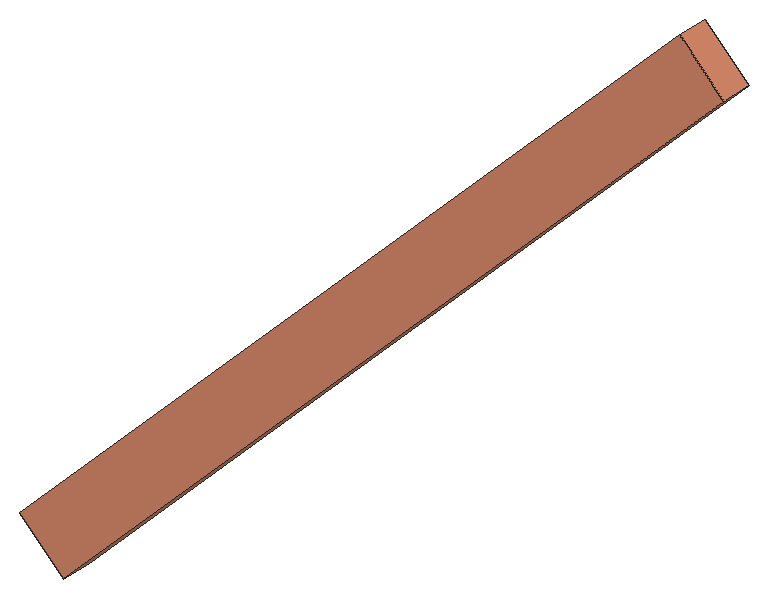
Revit family "盤サポート_H形鋼", category Generic Models, Revit 2020
Family settings
  Can host rebar = No
  Round Connector Dimension = Use Diameter
  Part Type = Normal
  Work Plane-Based = Yes
  Always vertical = No
  Cut with Voids When Loaded = No
  Shared = No
  Room Calculation Point = No
Parameters (values of type "Ｈ 100 x 50")
  高さ = 100 mm
  長辺 [instance] = 長さ  # 1500 mm
  長さ [instance] = 1500 mm
  部屋名 = ""
  角度 [instance] = 45.00°
  Default Elevation = 1219.2 mm
  構造マテリアル = E403_盤サポート
  幅 = 50 mm
Types (33, lengths in mm): name | 高さ | 長辺 | 長さ | 角度 | 幅
  Ｈ 900 x 300 | 900 | 1000 | 1000 | 45.00° | 300
  Ｈ 800 x 300 | 800 | 1000 | 1000 | 45.00° | 300
  Ｈ 700 x 300 | 700 | 1000 | 1000 | 45.00° | 300
  Ｈ 588 x 300 | 588 | 1000 | 1000 | 45.00° | 300
  Ｈ 600 x 200 | 600 | 1000 | 1000 | 45.00° | 200
  Ｈ 488 x 300 | 488 | 1000 | 1000 | 45.00° | 300
  Ｈ 500 x 200 | 500 | 1000 | 1000 | 45.00° | 200
  Ｈ 440 x 300 | 440 | 1000 | 1000 | 45.00° | 300
  Ｈ 450 x 200 | 450 | 1000 | 1000 | 90.00° | 200
  Ｈ 400 x 400 | 400 | 1000 | 1000 | 45.00° | 400
  Ｈ 390 x 300 | 390 | 1000 | 1000 | 45.00° | 300
  Ｈ 400 x 200 | 400 | 1000 | 1000 | 45.00° | 200
  Ｈ 350 x 350 | 350 | 1000 | 1000 | 45.00° | 350
  Ｈ 340 x 250 | 340 | 1000 | 1000 | 45.00° | 250
  Ｈ 294 x 200 | 294 | 1000 | 1000 | 45.00° | 200
  Ｈ 244 x 175 | 244 | 1000 | 1000 | 45.00° | 175
  Ｈ 350 x 175 | 350 | 1000 | 1000 | 45.00° | 175
  Ｈ 300 x 300 | 300 | 1000 | 1000 | 45.00° | 300
  Ｈ 300 x 150 | 300 | 1000 | 1000 | 45.00° | 150
  Ｈ 250 x 250 | 250 | 1000 | 1000 | 45.00° | 250
  Ｈ 250 x 125 | 250 | 1000 | 1000 | 45.00° | 125
  Ｈ 200 x 200 | 200 | 1000 | 1000 | 45.00° | 200
  Ｈ 194 x 150 | 194 | 1000 | 1000 | 45.00° | 150
  Ｈ 200 x 100 | 200 | 1000 | 1000 | 45.00° | 100
  Ｈ 175 x 175 | 175 | 1000 | 1000 | 45.00° | 175
  Ｈ 175 x 90 | 175 | 1000 | 1000 | 45.00° | 90
  Ｈ 150 x 150 | 150 | 500 | 500 | 45.00° | 150
  Ｈ 148 x 100 | 148 | 1000 | 1000 | 45.00° | 100
  Ｈ 150 x 75 | 150 | 1000 | 1000 | 45.00° | 75
  Ｈ 125 x 125 | 125 | 500 | 500 | 45.00° | 125
  Ｈ 125 x 60 | 125 | 1000 | 1000 | 45.00° | 60
  Ｈ 100 x100 | 100 | 500 | 500 | 45.00° | 100
  Ｈ 100 x 50 | 100 | 1500 | 1500 | 45.00° | 50
Reference planes
  plane 1 "中心(正面/背面)": y = 0
  plane 2: z = 0
  plane 3 "中心(左/右)": x = 0
Lines and regions (mm)
  reference lines
    curve 1: line (0, 0, 0) -> (777.817, 0, 777.817)
    curve 2: line (35.355, 0, -35.355) -> (-35.355, 0, 35.355)
    curve 3: line (1096.016, 0, 1025.305) -> (1025.305, 0, 1096.016)
Dimensions and locks
  equal spacing: curve 2, curve 1, curve 2
  "高さ": curve 2 to curve 2
  equal spacing: curve 3, curve 1, curve 3
  "高さ": curve 3 to curve 3
  "長さ": curve 3 to curve 2
  "角度": angle level to curve 1
  angle curve 2 to curve 1 = 90.00°
  angle curve 3 to curve 1 = 90.00°
  aligned and locked: level to plane 2
  aligned and locked: level to curve 1
  aligned and locked: plane 3 "中心(左/右)" to curve 1
  aligned and locked: nested 1 to curve 1
Nested families
  nested 1: "グレーチング_H形鋼 1" at (-35.355, 0, 35.355) x (0, 1, 0) z (0.7071, 0, -0.7071), 長さ <- "長さ", type "Ｈ 100 x 50"
    with 長辺 1500 mm, 長さ 1500 mm
Definition of nested family "グレーチング_H形鋼 1"
  Parameters (values of type "Ｈ 150 x 150")
    高さ = 150 mm
    長辺 [instance] = 長さ  # 500 mm
    長さ [instance] = 500 mm
    部屋名 = ""
    Default Elevation = 1219.2 mm
    構造マテリアル = none
    幅 = 150 mm
  Types (33, lengths in mm): name | 高さ | 長辺 | 長さ | 幅
    Ｈ 900 x 300 | 900 | 1000 | 1000 | 300
    Ｈ 800 x 300 | 800 | 1000 | 1000 | 300
    Ｈ 700 x 300 | 700 | 1000 | 1000 | 300
    Ｈ 588 x 300 | 588 | 1000 | 1000 | 300
    Ｈ 600 x 200 | 600 | 1000 | 1000 | 200
    Ｈ 488 x 300 | 488 | 1000 | 1000 | 300
    Ｈ 500 x 200 | 500 | 1000 | 1000 | 200
    Ｈ 440 x 300 | 440 | 1000 | 1000 | 300
    Ｈ 450 x 200 | 450 | 1000 | 1000 | 200
    Ｈ 400 x 400 | 400 | 1000 | 1000 | 400
    Ｈ 390 x 300 | 390 | 1000 | 1000 | 300
    Ｈ 400 x 200 | 400 | 1000 | 1000 | 200
    Ｈ 350 x 350 | 350 | 1000 | 1000 | 350
    Ｈ 340 x 250 | 340 | 1000 | 1000 | 250
    Ｈ 294 x 200 | 294 | 1000 | 1000 | 200
    Ｈ 244 x 175 | 244 | 1000 | 1000 | 175
    Ｈ 350 x 175 | 350 | 1000 | 1000 | 175
    Ｈ 300 x 300 | 300 | 1000 | 1000 | 300
    Ｈ 300 x 150 | 300 | 500 | 500 | 150
    Ｈ 250 x 250 | 250 | 500 | 500 | 250
    Ｈ 250 x 125 | 250 | 500 | 500 | 125
    Ｈ 200 x 200 | 200 | 500 | 500 | 200
    Ｈ 194 x 150 | 194 | 500 | 500 | 150
    Ｈ 200 x 100 | 200 | 500 | 500 | 100
    Ｈ 175 x 175 | 175 | 500 | 500 | 175
    Ｈ 175 x 90 | 175 | 500 | 500 | 90
    Ｈ 150 x 150 | 150 | 500 | 500 | 150
    Ｈ 148 x 100 | 148 | 500 | 500 | 100
    Ｈ 150 x 75 | 150 | 500 | 500 | 75
    Ｈ 125 x 125 | 125 | 500 | 500 | 125
    Ｈ 125 x 60 | 125 | 500 | 500 | 60
    Ｈ 100 x100 | 100 | 500 | 500 | 100
    Ｈ 100 x 50 | 100 | 500 | 500 | 50
  Reference planes
    plane 1 "中心(正面/背面)": y = 0
    plane 2: z = 0
    plane 3 "中心(左/右)": x = 0
    plane 4: z = 75
    plane 5: z = 150
  Forms (mm)
    Extrusion 1, solid, material <- "構造マテリアル"
      sketch origin (0, 0, 0) x (1, 0, 0) y (0, 1, 0)
        loop
          line (-75, 500) -> (-75, 0) -> (75, 0) -> (75, 500) -> (-75, 500)
      from 0 to 150
  Lines and regions (mm)
    reference lines
      curve 1: line (75, 500, 0) -> (-75, 500, 0)
      curve 2: line (75, 0, 0) -> (-75, 0, 0)
  Dimensions and locks
    "長さ": curve 1 to curve 2
    "幅": Extrusion 1 to Extrusion 1
    equal spacing: Extrusion 1, plane 3 "中心(左/右)", Extrusion 1
    "幅": curve 1 to curve 1
    equal spacing: curve 1, plane 3 "中心(左/右)", curve 1
    "幅": curve 2 to curve 2
    equal spacing: curve 2, plane 3 "中心(左/右)", curve 2
    equal spacing: plane 5, plane 4, level
    "高さ": plane 5 to level
    aligned and locked: level to plane 2
    aligned and locked: Extrusion 1 to curve 2
    aligned and locked: curve 1 to Extrusion 1
    aligned and locked: plane 5 to Extrusion 1
  Automatic sketch dimensions
    Extrusion 1 sketch curve to plane 3 "中心(左/右)" = 75 mm
    plane 3 "中心(左/右)" to Extrusion 1 sketch curve = 75 mm
    plane 1 "中心(正面/背面)" to Extrusion 1 sketch curve = 0 mm
    Extrusion 1 sketch curve to plane 1 "中心(正面/背面)" = 500 mm
    plane 1 "中心(正面/背面)" to curve 2 = 0 mm
